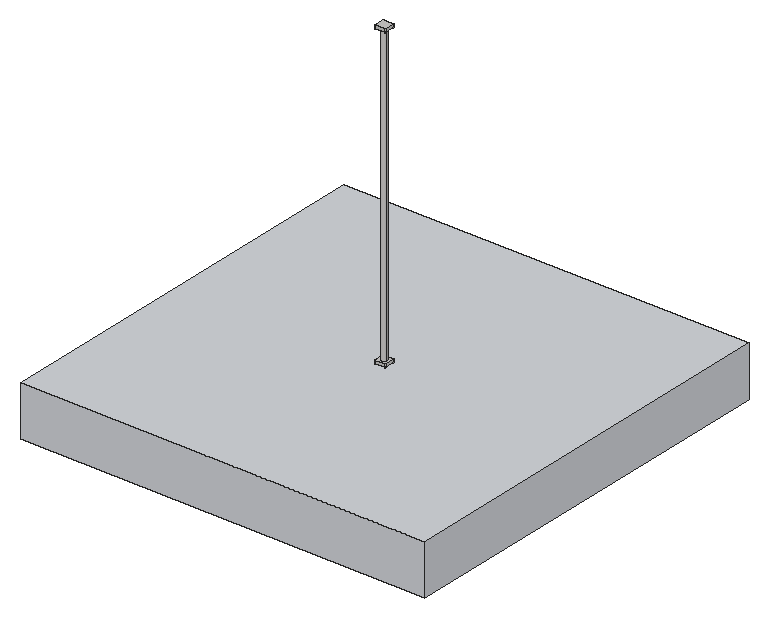
Revit family
Parameters (values of type "72W")
  Warranty Duration (Years) = 0
  Unit Width = 0' - 2 9/16"
  Unit Height = 0' - 2 9/16"
  Unit Depth = 6' - 0"
  URL = "http://www.bobrick.com/Pages/default.aspx"
  Test Data = ""
  Specification = ""
  SpecWizard = ""
  Send Message = "http://www.arcat.com/users.pl?action=UserEmail&company=Bobrick+Washroom+Equipment,+Inc.&coid=30988&rep=156&fax=818-503-1930&mf="
  Sales Information = "http://www.bobrick.com/Pages/ContactUs.aspx"
  Revision = "R1_10_2012"
  Product Properties = ""
  Product Data = "http://arcat.com/arcatcos/cos30/arc30988.html?isac=1&r=1"
  Model = "B-6047x72"
  Manufacturer Website = "http://www.bobrick.com/Pages/default.aspx"
  Manufacturer Phone - Toll Free = ""
  Manufacturer Phone = "818-764-1000"
  Manufacturer Fax = "818-503-1930"
  Manufacturer Address = "11611 Hart St. North Hollywood, CA 91605-5882"
  Manufacturer = "Bobrick Washroom Equipment, Inc."
  Maintenance Schedule (Months) = 0
  Keynote = "102813"
  Installation-Fabrication = "http://www.bobrick.com/washroomaccessories/Pages/WashroomAccessories.aspx"
  Installation Phase = ""
  Green Building-LEED = ""
  Finish Material = Stainless Steel - Bobrick - Satin
  Expected Lifespan (Years) = 0
  Drawn By = "Sumex Design, Inc. / Robert S. Weygant, CSI, CDT, SCIP"
  Description = "Bobrick B-6047x72 Classic Series Shower Curtain Rod"
  Default Elevation = 4' - 0"
  Copyright = "©Arcat Inc."
  Construction Details = ""
  Building Codes = ""
  Assembly Code = "E1090900"
Types (4): name | Unit Depth | Model | Description
  72W | 6' - 0" | "B-6047x72" | "Bobrick B-6047x72 Classic Series Shower Curtain Rod"
  60W | 5' - 0" | "B-6047x60" | "Bobrick B-6047x60 Classic Series Shower Curtain Rod"
  48W | 4' - 0" | "B-6047x48" | "Bobrick B-6047x48 Classic Series Shower Curtain Rod"
  36W | 3' - 0" | "B-6047x36" | "Bobrick B-6047x36 Classic Series Shower Curtain Rod"
Reference planes (in)
  plane 1 "Center (Front/Back)": y = 0
  plane 2: z = 0
  plane 3 "Center (Left/Right)": x = 0
  plane 4: y = 1.28125
  plane 5: y = -1.28125
  plane 6: x = -1.28125
  plane 7: x = 1.28125
  plane 8: z = 72
Forms (in)
  Extrusion 1, solid
    sketch origin (0, 0, 0) x (1, 0, 0) y (0, 1, 0)
      loop
        line (-48, 48) -> (-48, -48) -> (48, -48) -> (48, 48) -> (-48, 48)
    from 0 to -12
  Extrusion 2, solid, material "Stainless Steel - Bobrick - Satin" <- "Finish Material"
    sketch origin (0, 0, 0) x (1, 0, 0) y (0, 1, 0)
      loop
        circle (0, 0) r 0.62555
    from 0.75 to 71.25
  Extrusion 3, solid, material "Stainless Steel - Bobrick - Satin" <- "Finish Material"
    sketch origin (0, 0, 0) x (1, 0, 0) y (0, 1, 0)
      loop
        arc (-1.03125, 1.28125) -> (-1.20803, 1.20803) -> (-1.28125, 1.03125) r 0.25
        line (-1.28125, 1.03125) -> (-1.28125, -1.03125)
        arc (-1.28125, -1.03125) -> (-1.20803, -1.20803) -> (-1.03125, -1.28125) r 0.25
        line (-1.03125, -1.28125) -> (1.03125, -1.28125)
        arc (1.03125, -1.28125) -> (1.20803, -1.20803) -> (1.28125, -1.03125) r 0.25
        line (1.28125, -1.03125) -> (1.28125, 1.03125)
        arc (1.28125, 1.03125) -> (1.20803, 1.20803) -> (1.03125, 1.28125) r 0.25
        line (1.03125, 1.28125) -> (-1.03125, 1.28125)
    from 0 to 0.75
  Extrusion 4, solid, material "Stainless Steel - Bobrick - Satin" <- "Finish Material"
    sketch origin (0, 0, 41.33601) x (0, -1, 0) y (1, 0, 0)
      loop
        arc (-1.28125, -1.03125) -> (-1.20803, -1.20803) -> (-1.03125, -1.28125) r 0.25
        line (-1.03125, -1.28125) -> (1.03125, -1.28125)
        arc (1.03125, -1.28125) -> (1.20803, -1.20803) -> (1.28125, -1.03125) r 0.25
        line (1.28125, -1.03125) -> (1.28125, 1.03125)
        arc (1.28125, 1.03125) -> (1.20803, 1.20803) -> (1.03125, 1.28125) r 0.25
        line (1.03125, 1.28125) -> (-1.03125, 1.28125)
        arc (-1.03125, 1.28125) -> (-1.20803, 1.20803) -> (-1.28125, 1.03125) r 0.25
        line (-1.28125, 1.03125) -> (-1.28125, -1.03125)
    from 29.91399 to 30.66399
Dimensions and locks (in)
  "Unit Depth": plane 8 to level
  equal spacing: plane 4, plane 1 "Center (Front/Back)", plane 5
  "Unit Height": plane 4 to plane 5
  equal spacing: plane 6, plane 3 "Center (Left/Right)", plane 7
  "Unit Width": plane 6 to plane 7
  locked: Extrusion 4 to Extrusion 4 at 0.75
  aligned and locked: plane 2 to Extrusion 1
  aligned and locked: level to Extrusion 1
  aligned and locked: plane 8 to Extrusion 4
  aligned and locked: Extrusion 2 to Extrusion 4
Automatic sketch dimensions
  Extrusion 1 sketch curve to Extrusion 1 sketch curve = 8' - 0"  (x2)
  Extrusion 2 sketch curve to plane 1 "Center (Front/Back)" = 0' - 0"
  Extrusion 2 sketch curve to plane 3 "Center (Left/Right)" = 0' - 0"
  Extrusion 3 sketch curve to plane 3 "Center (Left/Right)" = 0' - 1 9/32"
  Extrusion 3 sketch curve to Extrusion 3 sketch curve = 0' - 0 1/4"  (x3)
  plane 3 "Center (Left/Right)" to Extrusion 3 sketch curve = 0' - 1 1/32"  (x2)
  plane 1 "Center (Front/Back)" to Extrusion 3 sketch curve = 0' - 1 9/32"
  Extrusion 3 sketch curve to plane 1 "Center (Front/Back)" = 0' - 1 1/32"
  Extrusion 4 sketch curve to plane 1 "Center (Front/Back)" = 0' - 1 9/32"
  Extrusion 4 sketch curve to Extrusion 4 sketch curve = 0' - 0 1/4"  (x3)
  plane 1 "Center (Front/Back)" to Extrusion 4 sketch curve = 0' - 1 1/32"  (x2)
  Extrusion 4 sketch curve to plane 3 "Center (Left/Right)" = 0' - 1 9/32"
  plane 3 "Center (Left/Right)" to Extrusion 4 sketch curve = 0' - 1 1/32"
  radius of Extrusion 2 sketch curve = 0' - 0.62555"
